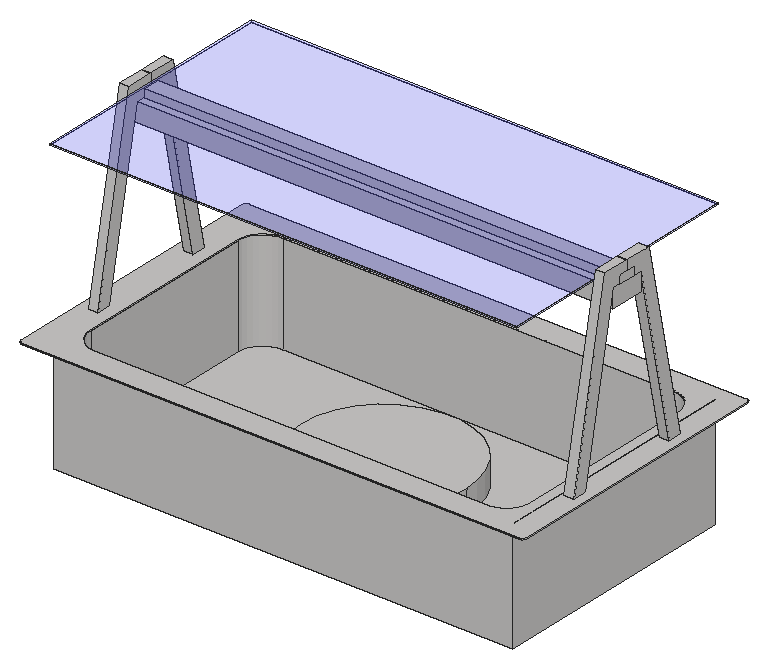
Revit family "QF_ELECTROLUXPROFESSIONAL_341160_D03C2", category Specialty Equipment, Revit 2023
Family settings
  Round Connector Dimension = Use Diameter
  Part Type = Normal
  Work Plane-Based = No
  Enable Cutting in Views = No
  Always vertical = Yes
  Cut with Voids When Loaded = No
  Maintain Annotation Orientation = No
  Shared = No
  Room Calculation Point = No
Parameters (values of type "Standard")
  Weight = 46.80 kg
  Watts = 0 W
  Volts = 220 V
  URL Manufacturer = "http://www.electroluxprofessional.com"
  URL = "http://www.electroluxprofessional.com"
  Steam Supply Size = 0 mm
  Steam Supply Minimum Pressure = 0.0 Pa
  Steam Supply Maximum Pressure = 0.0 Pa
  Steam Consumption per Hour = 0
  Refrigeration Suction Line Size = 0 mm
  Refrigeration Liquid Line Size = 0 mm
  Refrigerant Compressor Remote = yes
  Default Elevation = 0 mm
  Manufacturer = "Electrolux Professional"
  Phase = 1
  Model = "D03C2"
  Length Actual = 1100 mm
  Item Number = "341160"
  Hot Water Size = 0 mm
  Height Actual = 680 mm
  HP = "1.4 HP"
  Gas Size = 0 mm
  Gas KW = 0
  Gas Input Pressure = 0 W
  Direct Waste Size = 25.4 mm
  Description = "DROP-IN BAIN-MARIE, AIR VENTILATED, SINGLE WELL, 3GN WITH A TYPE OVERSHELF AND HALOGEN LAMP"
  Depth Actual = 620 mm
  Cycle = 50 Hz
  Condensate Return Size = 0 mm
  Compressed Air Volume = 0.0 L/s
  Compressed Air Size = 0 mm
  Compressed Air Pressure = 0.0 Pa
  Cold Water Size = 0 mm
  Accessory = no
Reference planes
  plane 1 "BACK": y = 0
  plane 2: z = 5.426
  plane 3 "LEFT": x = 0
  plane 4: y = -620
  plane 5: z = 409.426
  plane 6: y = -310
  plane 7: x = 550
Forms (mm)
  Extrusion 1, solid, material "QF_Finishes_Stainless Steel"
    sketch origin (-320, 0, 5.426) x (1, 0, 0) y (0, 1, 0)
      loop
        arc (330, 0) -> (322.929, -2.929) -> (320, -10) r 10
        line (320, -10) -> (320, -610)
        arc (320, -610) -> (322.929, -617.071) -> (330, -620) r 10
        line (330, -620) -> (1410, -620)
        arc (1410, -620) -> (1417.071, -617.071) -> (1420, -610) r 10
        line (1420, -610) -> (1420, -10)
        arc (1420, -10) -> (1417.071, -2.929) -> (1410, 0) r 10
        line (1410, 0) -> (330, 0)
    from 0 to 1
  Extrusion 2, solid, material "QF_Finishes_Stainless Steel"
    sketch origin (0, 0, 12.548) x (1, 0, 0) y (0, 1, 0)
      loop
        line (50, -35) -> (50, -585) -> (1050, -585) -> (1050, -35) -> (50, -35)
    from -251.122 to -7.122
  Extrusion 3, void
    sketch origin (0, 0, -2.817) x (1, 0, 0) y (0, 1, 0)
      loop
        arc (125, -55) -> (86.109, -71.109) -> (70, -110) r 55
        line (70, -110) -> (70, -510)
        arc (70, -510) -> (86.109, -548.891) -> (125, -565) r 55
        line (125, -565) -> (975.082, -565)
        arc (975.082, -565) -> (1013.973, -548.891) -> (1030.082, -510) r 55
        line (1030.082, -510) -> (1030.082, -110)
        arc (1030.082, -110) -> (1013.973, -71.109) -> (975.082, -55) r 55
        line (975.082, -55) -> (125, -55)
    from -209.107 to 9.244
  Extrusion 4, solid, material "QF_Finishes_Stainless Steel"
    sketch origin (21.5, -620, 0) x (0, -1, 0) y (0, 0, -1)
      loop
        line (-310, -409.426) -> (-250.873, -409.426) -> (-165, -5.426) -> (-195, -5.426) -> (-272.583, -370.426) -> (-310, -370.426) -> (-310, -409.426)
    from 0 to 20
  Extrusion 5, solid, material "QF_Finishes_Stainless Steel"
    sketch origin (21.5, 0, 0) x (0, 1, 0) y (0, 0, 1)
      loop
        line (-310, 409.426) -> (-310, 370.426) -> (-272.583, 370.426) -> (-195, 5.426) -> (-165, 5.426) -> (-250.873, 409.426) -> (-310, 409.426)
    from 0 to 20
  Extrusion 6, solid, material "QF_Finishes_Stainless Steel"
    sketch origin (1077.726, -620, 0) x (0, -1, 0) y (0, 0, 1)
      loop
        line (-310, 409.426) -> (-310, 370.426) -> (-272.583, 370.426) -> (-195, 5.426) -> (-165, 5.426) -> (-250.873, 409.426) -> (-310, 409.426)
    from 0 to 20
  Extrusion 7, solid, material "QF_Finishes_Stainless Steel"
    sketch origin (1077.726, 0, 0) x (0, 1, 0) y (0, 0, -1)
      loop
        line (-310, -409.426) -> (-250.873, -409.426) -> (-165, -5.426) -> (-195, -5.426) -> (-272.583, -370.426) -> (-310, -370.426) -> (-310, -409.426)
    from 0 to 20
  Extrusion 8, solid, material "QF_Finishes_Stainless Steel"
    sketch origin (0, 0, 0) x (0, 1, 0) y (0, 0, 1)
      loop
        line (-291.292, 370.426) -> (-291.292, 387.956) -> (-328.917, 387.956) -> (-328.917, 370.426) -> (-291.292, 370.426)
    from 21.5 to 1077.726
  Extrusion 9, solid, material "Vetro"
    sketch origin (-14.94, 0, 5.426) x (1, 0, 0) y (0, 1, 0)
      loop
        line (56.94, -35) -> (56.94, -585) -> (1072.666, -585) -> (1072.666, -35) -> (56.94, -35)
    from 382.529 to 387.529
  Extrusion 10, solid, material "QF_Finishes_Stainless Steel"
    sketch origin (329.693, -341.308, -643.387) x (0, 0, -1) y (0, 1, 0)
      loop
        circle (-372.814, -140.692) r 12.7
    from 5 to 70.307
  Extrusion 11, solid, material "QF_Finishes_Stainless Steel"
    sketch origin (0, 0, 0) x (0, 1, 0) y (0, 0, 1)
      loop
        line (-272.583, 370.426) -> (-347.583, 370.426) -> (-347.583, 330.426) -> (-272.583, 330.426) -> (-272.583, 370.426)
    from 21.5 to 1077.726
  Extrusion 12, solid, material "QF_Finishes_Stainless Steel"
    sketch origin (34.947, 0, 0) x (0, 1, 0) y (0, 0, 1)
      loop
        line (-280.414, 330.426) -> (-340.414, 330.426) -> (-340.414, 325.426) -> (-280.414, 325.426) -> (-280.414, 330.426)
    from 113.553 to 313.553
  Extrusion 13, solid, material "QF_Finishes_Stainless Steel"
    sketch origin (769.053, 0, 0) x (0, 1, 0) y (0, 0, -1)
      loop
        line (-280.414, -330.426) -> (-280.414, -325.426) -> (-340.414, -325.426) -> (-340.414, -330.426) -> (-280.414, -330.426)
    from 113.553 to 313.553
  Extrusion 14, solid, material "QF_Finishes_Stainless Steel"
    sketch origin (0, 0, 5.426) x (1, 0, 0) y (0, 1, 0)
      loop
        circle (386.025, -481.971) r 12.675
    from -276 to -244
  Extrusion 15, solid, material "QF_Finishes_Stainless Steel"
    sketch origin (1565.693, 0, 22.375) x (-1, 0, 0) y (0, -1, 0)
      loop
        circle (1015.693, 310) r 180
    from -234.299 to -181.299
  Extrusion 16, solid, material "QF_Finishes_Stainless Steel"
    sketch origin (139.8, 0, 0.351) x (0, 1, 0) y (0, 0, 1)
      loop
        line (-161.185, -238.924) -> (-461.185, -238.924) -> (-461.185, -268.924) -> (-161.185, -268.924) -> (-161.185, -238.924)
    from 247.74 to 572.66
  Extrusion 17, solid, material "QF_Finishes_Stainless Steel"
    sketch origin (1076.053, 0, 0) x (0, 1, 0) y (0, 0, -1)
      loop
        line (-280.414, -330.426) -> (-280.414, -325.426) -> (-340.414, -325.426) -> (-340.414, -330.426) -> (-280.414, -330.426)
    from 113.553 to 313.553
Cuts and joins
  Extrusion 3 cuts Extrusion 1
  Extrusion 3 cuts Extrusion 2
Dimensions and locks
  equal spacing: Extrusion 1, Extrusion 2 sketch curve, Extrusion 2 sketch curve, Extrusion 1  (x2)
  Extrusion 1 to Extrusion 1 = 1100 mm
  Extrusion 1 to plane 1 "BACK" = 620 mm
  equal spacing: Extrusion 2, Extrusion 3 sketch curve, Extrusion 3 sketch curve, Extrusion 2  (x2)
  plane 5 to plane 2 = 404 mm
  Extrusion 11 sketch curve to cut or joined group of Extrusion 1, Extrusion 3 = 324 mm
  equal spacing: plane 3 "LEFT", plane 7, cut or joined group of Extrusion 1, Extrusion 3
  aligned and locked: level to plane 2
Automatic sketch dimensions
  Extrusion 1 sketch curve to plane 3 "LEFT" = 0 mm
  plane 4 to Extrusion 1 sketch curve = 0 mm
  plane 1 "BACK" to Extrusion 1 sketch curve = 0 mm
  plane 3 "LEFT" to Extrusion 1 sketch curve = 10 mm  (x2)
  Extrusion 1 sketch curve to Extrusion 1 sketch curve = 1080 mm
  Extrusion 1 sketch curve to Extrusion 1 sketch curve = 0 mm
  plane 1 "BACK" to Extrusion 1 sketch curve = 10 mm
  plane 3 "LEFT" to Extrusion 2 sketch curve = 50 mm
  Extrusion 2 sketch curve to plane 4 = 35 mm
  Extrusion 2 sketch curve to Extrusion 2 sketch curve = 1000 mm
  plane 1 "BACK" to Extrusion 2 sketch curve = 35 mm
  plane 3 "LEFT" to Extrusion 3 sketch curve = 70 mm
  Extrusion 3 sketch curve to Extrusion 3 sketch curve = 55 mm  (x3)
  Extrusion 3 sketch curve to plane 4 = 55 mm
  Extrusion 3 sketch curve to Extrusion 3 sketch curve = 850.082 mm
  plane 1 "BACK" to Extrusion 3 sketch curve = 110 mm
  Extrusion 3 sketch curve to Extrusion 3 sketch curve = 0 mm
  Extrusion 4 sketch curve to plane 6 = 0 mm
  plane 5 to Extrusion 4 sketch curve = 0 mm
  Extrusion 4 sketch curve to level = 0 mm
  Extrusion 4 sketch curve to Extrusion 4 sketch curve = 37.417 mm
  Extrusion 4 sketch curve to Extrusion 4 sketch curve = 21.71 mm
  plane 6 to Extrusion 4 sketch curve = 115 mm
  Extrusion 4 sketch curve to Extrusion 4 sketch curve = 30 mm
  Extrusion 4 sketch curve to Extrusion 4 sketch curve = 39 mm
  Extrusion 5 sketch curve to plane 6 = 0 mm
  plane 5 to Extrusion 5 sketch curve = 0 mm
  Extrusion 5 sketch curve to level = 0 mm
  Extrusion 5 sketch curve to Extrusion 5 sketch curve = 37.417 mm
  Extrusion 5 sketch curve to Extrusion 5 sketch curve = 21.71 mm
  plane 6 to Extrusion 5 sketch curve = 115 mm
  Extrusion 5 sketch curve to Extrusion 5 sketch curve = 30 mm
  Extrusion 5 sketch curve to Extrusion 5 sketch curve = 39 mm
  Extrusion 6 sketch curve to plane 6 = 0 mm
  plane 5 to Extrusion 6 sketch curve = 0 mm
  Extrusion 6 sketch curve to level = 0 mm
  Extrusion 6 sketch curve to Extrusion 6 sketch curve = 37.417 mm
  Extrusion 6 sketch curve to Extrusion 6 sketch curve = 21.71 mm
  Extrusion 6 sketch curve to plane 6 = 115 mm
  Extrusion 6 sketch curve to Extrusion 6 sketch curve = 30 mm
  Extrusion 6 sketch curve to Extrusion 6 sketch curve = 39 mm
  Extrusion 7 sketch curve to plane 6 = 0 mm
  plane 5 to Extrusion 7 sketch curve = 0 mm
  Extrusion 7 sketch curve to level = 0 mm
  Extrusion 7 sketch curve to Extrusion 7 sketch curve = 37.417 mm
  Extrusion 7 sketch curve to Extrusion 7 sketch curve = 21.71 mm
  plane 6 to Extrusion 7 sketch curve = 115 mm
  Extrusion 7 sketch curve to Extrusion 7 sketch curve = 30 mm
  Extrusion 7 sketch curve to Extrusion 7 sketch curve = 39 mm
  Extrusion 8 sketch curve to plane 6 = 18.917 mm
  plane 6 to Extrusion 8 sketch curve = 18.708 mm
  plane 5 to Extrusion 8 sketch curve = 39 mm
  Extrusion 8 sketch curve to Extrusion 8 sketch curve = 17.529 mm
  plane 3 "LEFT" to Extrusion 9 sketch curve = 42 mm
  Extrusion 9 sketch curve to plane 4 = 35 mm
  Extrusion 9 sketch curve to Extrusion 9 sketch curve = 1015.726 mm
  plane 1 "BACK" to Extrusion 9 sketch curve = 35 mm
  Extrusion 10 sketch curve to level = 276 mm
  Extrusion 10 sketch curve to plane 4 = 138 mm
  Extrusion 11 sketch curve to plane 6 = 37.583 mm
  plane 6 to Extrusion 11 sketch curve = 37.417 mm
  plane 5 to Extrusion 11 sketch curve = 39 mm
  Extrusion 12 sketch curve to plane 6 = 30.414 mm
  plane 6 to Extrusion 12 sketch curve = 29.586 mm
  plane 5 to Extrusion 12 sketch curve = 84 mm
  Extrusion 12 sketch curve to Extrusion 12 sketch curve = 5 mm
  Extrusion 13 sketch curve to plane 6 = 30.414 mm
  plane 6 to Extrusion 13 sketch curve = 29.586 mm
  plane 5 to Extrusion 13 sketch curve = 79 mm
  Extrusion 13 sketch curve to Extrusion 13 sketch curve = 5 mm
  Extrusion 14 sketch curve to plane 4 = 138.029 mm
  plane 3 "LEFT" to Extrusion 14 sketch curve = 386.025 mm
  Extrusion 15 sketch curve to plane 6 = 0 mm
  plane 3 "LEFT" to Extrusion 15 sketch curve = 550 mm
  Extrusion 16 sketch curve to plane 6 = 151.185 mm
  plane 6 to Extrusion 16 sketch curve = 148.815 mm
  Extrusion 16 sketch curve to level = 274 mm
  Extrusion 16 sketch curve to Extrusion 16 sketch curve = 30 mm
  Extrusion 17 sketch curve to plane 6 = 30.414 mm
  plane 6 to Extrusion 17 sketch curve = 29.586 mm
  plane 5 to Extrusion 17 sketch curve = 79 mm
  Extrusion 17 sketch curve to Extrusion 17 sketch curve = 5 mm
  radius of Extrusion 10 sketch curve = 12.7 mm
  radius of Extrusion 14 sketch curve = 12.675 mm
  radius of Extrusion 15 sketch curve = 180 mm
Connectors
  piping at (334.693, -482, -270.574), diameter 25.4
    settings: on Extrusion 10, index 5, connector inside diameter 609.6 mm, connector length 0 mm, flow factor 0, pipe flow 0.0 L/s, pressure drop 0.0 Pa, fitting loss kfactor 0, connector angle 0.00°, fixture units 0, engagement length 0 mm, angle of deflection 0.00°, flow configuration 0, flow direction 0, fitting loss method 0, system type 29, joint type 0, gender type 0, connector reference index -1, connector utility 0, adjustable connector no, is connector primary yes, connector description "D"
